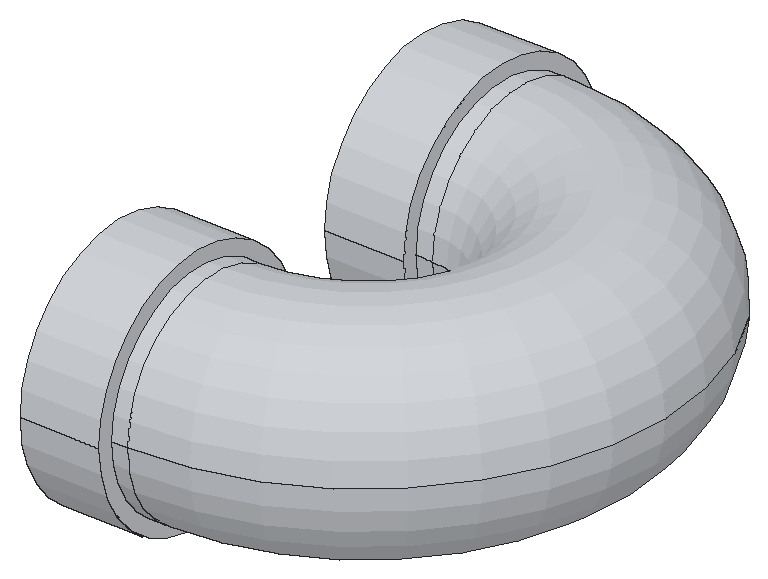
Revit family "8bdb186b6ecf4fd686420726f5391aa4", category Pipe Fittings, Revit 2021
Family settings
  Round Connector Dimension = Use Radius
  Part Type = Multi Port
  OmniClass Number = 23.60.30.11.14
  OmniClass Title = Pipework Fittings
  Seek Item ID = Return Bend Open-Pattern - Threaded - MI - Class 300-0000-USA-ENU
  Work Plane-Based = No
  Always vertical = Yes
  Cut with Voids When Loaded = No
  Shared = No
Parameters (values of type "Standard")
  Tick Size [instance] = Fitting Outside Diameter * 0.4  # 0.68661"
  Thread Length [instance] = size_lookup(Lookup Table Name, "TLgt", 0.24 * Nominal Diameter + 131/256", Nominal Diameter)  # 0.75197"
  Nominal Radius [instance] = 1/2"
  Nominal Diameter [instance] = Nominal Radius * 2  # 1"
  Metal Thickness [instance] = size_lookup(Lookup Table Name, "MThk", 0.06 * Nominal Diameter + 37/256", Nominal Diameter)  # 0.20079"
  Loss Method = Not Defined
  Lookup Table Name = "Return Bend Open-Pattern - Threaded - MI - Class 300"
  Length 1 [instance] = Fitting Inside Diameter + 2 * Metal Thickness + 1/8"  # 1.84154"
  Half Center to Center [instance] = 0.5 * Center to Center  # 1 1/2"
  Fitting Outside Radius [instance] = Fitting Outside Diameter / 2  # 0.85827"
  Fitting Outside Diameter [instance] = Fitting Inside Diameter + Metal Thickness * 2  # 1.71654"
  Fitting Inside Diameter [instance] = size_lookup(Lookup Table Name, "FID", 1.05 * Nominal Diameter + 19/64", Nominal Diameter)  # 1.31496"
  Default Elevation = 0' - 0"
  Center to Center [instance] = if(Center to Center 1 > Fitting Inside Diameter + 2 * Metal Thickness, Center to Center 1, Length 1)  # 3"
  Center to Center 1 [instance] = size_lookup(Lookup Table Name, "CtC", 5.57 * Nominal Diameter - 3 7/128", Nominal Diameter)  # 3"
  Band Width [instance] = size_lookup(Lookup Table Name, "BWid", 0.21 * Nominal Diameter + 53/128", Nominal Diameter)  # 0.62205"
  Band Outside Radius [instance] = Band Outside Diameter / 2  # 0.97441"
  Band Outside Diameter 1 [instance] = size_lookup(Lookup Table Name, "BOD", 1.31 * Nominal Diameter + 173/256", Nominal Diameter)  # 1.94882"
  Band Outside Diameter [instance] = if(Band Outside Diameter 1 > Center to Center, Center to Center - 1/16", Band Outside Diameter 1)  # 1.94882"
Reference planes (in)
  plane 1 "Center (Front/Back)": y = 0
  plane 2: z = 0
  plane 3 "Center (Left/Right)": x = 0
  plane 4: y = -3
  plane 5: x = 0.62205
  plane 6: x = 0.75197
  plane 7: y = -1.5
Forms (in)
  Sweep 1, solid, detail levels fine
    path origin (0, 0, 0) x (1, 0, 0) y (0, 1, 0)
      loop
        line (0, 0) -> (0.62205, 0)
    profile origin (0.31102, 0, 0) x (0, 1, 0) y (0, 0, 1)
      loop
        circle (0, 0) r 0.97441
  Sweep 2, solid, detail levels fine
    path origin (0, 0, 0) x (1, 0, 0) y (0, 1, 0)
      loop
        line (0, -3) -> (0.62205, -3)
    profile origin (0.31102, -3, 0) x (0, 1, 0) y (0, 0, 1)
      loop
        circle (0, 0) r 0.97441
  Sweep 3, solid, detail levels fine
    path origin (0, 0, 0) x (1, 0, 0) y (0, 1, 0)
      loop
        line (0.62205, 0) -> (0.75197, 0)
        arc (0.75197, 0) -> (2.25197, -1.5) -> (0.75197, -3) r 1.5
        line (0.75197, -3) -> (0.62205, -3)
    profile origin (2.25197, -1.5, 0) x (1, 0, 0) y (0, 0, 1)
      loop
        circle (0, 0) r 0.85827
Cuts and joins
  joined: Sweep 1, Sweep 2, Sweep 3
Lines and regions (in)
  model lines, detail levels coarse+medium
    curve 1: line (0, -3, 0) -> (0.75197, -3, 0)
    curve 2: line (0, 0, 0) -> (0.75197, 0, 0)
    curve 3: arc (0.75197, 0, 0) -> (2.25197, -1.5, 0) -> (0.75197, -3, 0) r 1.5
    curve 4: line (0, 0.68661, 0) -> (0, -0.68661, 0)
    curve 5: line (0, -2.31339, 0) -> (0, -3.68661, 0)
Dimensions and locks (in)
  "Center to Center": plane 4 to plane 1 "Center (Front/Back)"
  "Band Width": plane 3 "Center (Left/Right)" to plane 5
  "Thread Length": plane 3 "Center (Left/Right)" to plane 6
  equal spacing: plane 4, plane 7, plane 1 "Center (Front/Back)"
  "Tick Size": curve 4 to curve 2  (x2)
  "Tick Size": curve 5 to curve 1
  "Tick Size": curve 1 to curve 5
  "Band Outside Radius": radius of Sweep 1 sketch curve
  "Band Outside Radius": radius of Sweep 2 sketch curve
  "Half Center to Center": radius of Sweep 3 sketch curve
  "Fitting Outside Radius": radius of Sweep 3 sketch curve
  "Half Center to Center": radius of curve 3
  aligned and locked: plane 3 "Center (Left/Right)" to Sweep 1 sketch curve
  aligned and locked: plane 5 to Sweep 1 sketch curve
  aligned and locked: plane 1 "Center (Front/Back)" to Sweep 1 sketch curve  (x2)
  aligned and locked: plane 2 to Sweep 1 sketch curve
  aligned and locked: plane 3 "Center (Left/Right)" to Sweep 2 sketch curve
  aligned and locked: Sweep 2 sketch curve to plane 4
  aligned and locked: plane 2 to Sweep 2 sketch curve
  aligned and locked: plane 4 to Sweep 2 sketch curve
  aligned and locked: plane 7 to Sweep 3 sketch curve
  aligned and locked: plane 6 to Sweep 3 sketch curve
  aligned and locked: Sweep 1 to Sweep 3 sketch curve
  aligned and locked: plane 1 "Center (Front/Back)" to Sweep 3 sketch curve
  aligned and locked: Sweep 2 to Sweep 3 sketch curve
  aligned and locked: Sweep 3 sketch curve to plane 4
  aligned and locked: plane 7 to curve 3
  aligned and locked: plane 6 to curve 3
  aligned and locked: plane 1 "Center (Front/Back)" to curve 2
  aligned and locked: curve 1 to plane 4
  aligned and locked: curve 4 to plane 3 "Center (Left/Right)"
  aligned and locked: curve 5 to plane 3 "Center (Left/Right)"
  aligned and locked: plane 6 to curve 2
  aligned and locked: plane 6 to curve 1
Automatic sketch dimensions
  Sweep 2 sketch curve to plane 5 = 0' - 0"
  Sweep 3 sketch curve to level = 0' - 0"
  profile plane to Sweep 3 sketch curve = 0' - 0"
Connectors (in)
  piping at (0, 0, 0), diameter 1, driven by "Nominal Radius"
    settings: on Sweep 1, index 1, connector inside diameter 1", connector length 0' - 0", flow factor 0, pipe flow 0 GPM, pressure drop 0.00 psi, fitting loss kfactor 0, connector angle 0.00°, fixture units 0, engagement length 0' - 0", angle of deflection 0.00°, flow configuration 0, flow direction 0, fitting loss method 0, system type 28, joint type 0, gender type 0, connector reference index 2, connector utility 0, adjustable connector no, is connector primary yes, connector description ""
  piping at (0, -3, 0), diameter 1, driven by "Nominal Radius"
    settings: on Sweep 2, index 2, connector inside diameter 1", connector length 0' - 0", flow factor 0, pipe flow 0 GPM, pressure drop 0.00 psi, fitting loss kfactor 0, connector angle 0.00°, fixture units 0, engagement length 0' - 0", angle of deflection 0.00°, flow configuration 0, flow direction 0, fitting loss method 0, system type 28, joint type 0, gender type 0, connector reference index 1, connector utility 0, adjustable connector no, is connector primary no, connector description ""
